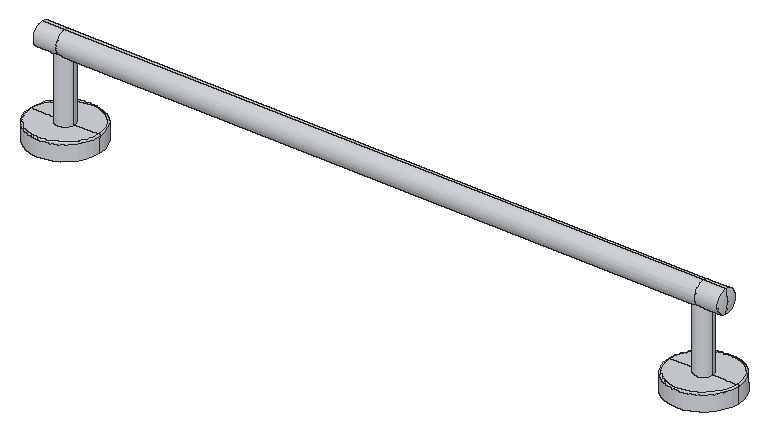
Revit family "Accessory-Towel_Bar-KOHLER-ELATE-K-27286BR_1", category Specialty Equipment, host Face, Revit 2017
Family settings
  Host = Face
  Round Connector Dimension = Use Diameter
  Part Type = Normal
  OmniClass Number = 23.31.25.25
  OmniClass Title = Towel Bars
  Cut with Voids When Loaded = No
  Shared = No
  Room Calculation Point = No
Parameters (values of type "CP-Polished Chrome")
  Width = 18"  # constant formula
  WaterSense Certified = 1 = 0  # no
  URL = "https://br.kohler.com/"
  Type = 1
  Product Page URL = "https://br.kohler.com/product-detail/27286br?skuid=K-27286BR-CP"
  Product Name = "ELATE"  # constant formula
  Product Documentation Link = ""
  Model = if(Type = 1, "K-27286BR-CP", if(Type = 2, "K-27286BR-BN", if(Type = 3, "K-27286BR-BL", "NA")))  # "K-27286BR-CP"
  Material = "Premium Metal Consruction"  # constant formula
  Master Format 2014 Name = "Toilet, Bath, and Laundry Accessories"  # constant formula
  Master Format 2014 = "10 28 00"  # constant formula
  Manufacturer Address = "Rio de Janeiro MULTIREPAROS RUA BATISTA DA COSTA, Nº 352 | STORE B Rio de Janeiro SÃO GONÇALO 24450-470"  # constant formula
  Manufacturer = "KOHLER Co."  # constant formula
  Length = 2 197/256"  # constant formula
  Height = 1 31/32"  # constant formula
  Finish = Kohler-Metal-CP-Polished_Chrome
  Environmental Product Declaration = ""
  Description = "Towel rack 457mm"  # constant formula
  Default Elevation = 42"
  Declare Label = ""
  Date Modified = "09/03/2021"  # constant formula
  Date Created = "09/03/2021"  # constant formula
  Copyright = "Copyright KOHLER Co."  # constant formula
  Contact Us = "https://br.kohler.com/asr-listing"
  Assembly Code = "C1030200"
  ADA Compliant = 1 = 0  # no
Types (4): name | Type | Product Page URL | Model | Finish
  (no name) | 1 | "https://br.kohler.com/product-detail/27286br?skuid=K-27286BR-CP" | "K-27286BR-CP" | Kohler-Metal-CP-Polished_Chrome
  CP-Polished Chrome | 1 | "https://br.kohler.com/product-detail/27286br?skuid=K-27286BR-CP" | "K-27286BR-CP" | Kohler-Metal-CP-Polished_Chrome
  BN-Vibrant Brushed Nickel | 2 | "https://br.kohler.com/product-detail/27286br?skuid=K-27286BR-BN" | "K-27286BR-BN" | Kohler-Metal-BN-Vibrant_Brushed_Nickel
  BL-Matte Black | 3 | "https://br.kohler.com/product-detail/27286br?skuid=K-27286BR-BL" | "K-27286BR-BL" | Kohler-Metal-BL-Matte_Black
Reference planes (in)
  plane 1 "Center (Front/Back)": y = 0
  plane 2: z = 0
  plane 3 "Center (Left/Right)": x = 0
  plane 4: y = 0.98425
  plane 5: y = -0.9845
  plane 6: x = -9
  plane 7: x = -9.98425
  plane 8: x = -8.01575
  plane 9: x = 9
  plane 10: x = 9.98425
  plane 11: x = 8.01575
  plane 12: x = -9.67009
  plane 13: x = 9.67009
  plane 14: z = 0.46457
  plane 15: z = 2.76953
  plane 16: z = 2.45276
  plane 17: z = 2.1378
Dimensions and locks (in)
  "Width": plane 6 to plane 9
  "Height": plane 4 to plane 5
  locked: plane 7 to plane 10 at 19.9685
  "Length": plane 15 to plane 2
  plane 14 to plane 2 = 0.46457"
  aligned and locked: plane 2 to host face
  aligned and locked: level to host face
  aligned and locked: plane 3 "Center (Left/Right)" to nested 1
  aligned and locked: plane 1 "Center (Front/Back)" to nested 1
Automatic sketch dimensions
  host sketch curve to host sketch curve = 96"  (x2)
Nested families (in)
  nested 1: "K-27286BR" at (0, 0, 0), type "K-27286BR"
Definition of nested family "K-27286BR"
  Parameters (values of type "K-27286BR")
    W = 18"
    Material = none
  Reference planes (in)
    plane 1 "Center (Front/Back)": y = 0
    plane 2: z = 0
    plane 3 "Center (Left/Right)": x = 0
    plane 4: x = -9
    plane 5: x = 9
    plane 6: x = -9.98425
    plane 7: x = -8.01575
    plane 8: x = 9.98425
    plane 9: x = 8.01575
    plane 10: y = 0.98425
    plane 11: y = -0.98425
    plane 12: z = 0.46457
    plane 13: z = 2.45276
    plane 14: z = 2.76772
  Forms (in)
    Revolve 1, solid, material <- "Material", detail levels medium+fine
      sketch origin (0, 0, 0) x (1, 0, 0) y (0, 0, 1)
        loop
          line (-8.74409, 0.46457) -> (-8.74409, 2.45276) -> (-9, 2.45276) -> (-9, 0) -> (-8.01575, 0) -> (-8.01575, 0.42409)
          arc (-8.01575, 0.42409) -> (-8.0276, 0.45271) -> (-8.05623, 0.46457) r 0.04048
          line (-8.05623, 0.46457) -> (-8.74409, 0.46457)
        axis (-9, 2.45276) -> (-9, 0)
      angle from 0 to 360
    Revolve 2, solid, material <- "Material", detail levels medium+fine
      sketch origin (0, 0, 0) x (-1, 0, 0) y (0, 0, 1)
        loop
          line (-8.74409, 0.46457) -> (-8.74409, 2.45276) -> (-9, 2.45276) -> (-9, 0) -> (-8.01575, 0) -> (-8.01575, 0.42409)
          arc (-8.01575, 0.42409) -> (-8.0276, 0.45271) -> (-8.05623, 0.46457) r 0.04048
          line (-8.05623, 0.46457) -> (-8.74409, 0.46457)
        axis (-9, 2.45276) -> (-9, 0)
      angle from 0 to 360
    Revolve 3, solid, material <- "Material", detail levels medium+fine
      sketch origin (0, 0, 0) x (1, 0, 0) y (0, 0, 1)
        loop
          line (-9, 2.76772) -> (-9.63345, 2.76772)
          arc (-9.63345, 2.76772) -> (-9.66027, 2.61125) -> (-9.66926, 2.45276) r 1.40307
          line (-9.66926, 2.45276) -> (-9, 2.45276) -> (-9, 2.76772)
        axis (-9.66926, 2.45276) -> (-9, 2.45276)
      angle from 0 to 360
    Revolve 4, solid, material <- "Material", detail levels medium+fine
      sketch origin (0, 0, 0) x (-1, 0, 0) y (0, 0, 1)
        loop
          line (-9, 2.76772) -> (-9.63345, 2.76772)
          arc (-9.63345, 2.76772) -> (-9.66027, 2.61125) -> (-9.66926, 2.45276) r 1.40307
          line (-9.66926, 2.45276) -> (-9, 2.45276) -> (-9, 2.76772)
        axis (-9.66926, 2.45276) -> (-9, 2.45276)
      angle from 0 to 360
    Revolve 5, solid, material <- "Material", detail levels medium+fine
      sketch origin (0, 0, 0) x (1, 0, 0) y (0, 0, 1)
        loop
          line (-9, 2.45276) -> (9, 2.45276) -> (9, 2.76772) -> (-9, 2.76772) -> (-9, 2.45276)
        axis (-9, 2.45276) -> (9, 2.45276)
      angle from 0 to 360
    Revolve 6, solid, material <- "Material", detail levels coarse
      sketch origin (0, 0, 0) x (1, 0, 0) y (0, 0, 1)
        loop
          line (-9, 2.45276) -> (-9, 0) -> (-8.01575, 0) -> (-8.01575, 0.46457) -> (-8.74409, 0.46457) -> (-8.74409, 2.45276) -> (-9, 2.45276)
        axis (-9, 2.45276) -> (-9, 0)
      angle from 0 to 360
    Revolve 7, solid, material <- "Material", detail levels coarse
      sketch origin (0, 0, 0) x (-1, 0, 0) y (0, 0, 1)
        loop
          line (-9, 2.45276) -> (-9, 0) -> (-8.01575, 0) -> (-8.01575, 0.46457) -> (-8.74409, 0.46457) -> (-8.74409, 2.45276) -> (-9, 2.45276)
        axis (-9, 2.45276) -> (-9, 0)
      angle from 0 to 360
    Revolve 8, solid, material <- "Material", detail levels coarse
      sketch origin (0, 0, 0) x (1, 0, 0) y (0, 0, 1)
        loop
          line (-9, 2.45276) -> (9, 2.45276) -> (9, 2.76772) -> (-9, 2.76772) -> (-9, 2.45276)
        axis (-9, 2.45276) -> (9, 2.45276)
      angle from 0 to 360
    Revolve 9, solid, material <- "Material", detail levels coarse
      sketch origin (0, 0, 0) x (1, 0, 0) y (0, 0, 1)
        loop
          line (-9, 2.76772) -> (-9.67025, 2.76772) -> (-9.67025, 2.45276) -> (-9, 2.45276) -> (-9, 2.76772)
        axis (-9, 2.45276) -> (-9.67025, 2.45276)
      angle from 0 to 360
    Revolve 10, solid, material <- "Material", detail levels coarse
      sketch origin (0, 0, 0) x (-1, 0, 0) y (0, 0, 1)
        loop
          line (-9, 2.76772) -> (-9.67025, 2.76772) -> (-9.67025, 2.45276) -> (-9, 2.45276) -> (-9, 2.76772)
        axis (-9, 2.45276) -> (-9.67025, 2.45276)
      angle from 0 to 360
  Cuts and joins
    joined: Revolve 1, Revolve 2, Revolve 3, Revolve 4, Revolve 5
    joined: Revolve 6, Revolve 7, Revolve 8, Revolve 9, Revolve 10
  Lines and regions (in)
    Masking region 1
      outline origin (0, 0, 0) x (1, 0, 0) y (0, 1, 0)
        loop
          arc (-8.0675, 0.31496) -> (-9.98425, 0) -> (-8.0675, -0.31496) r 0.98425
          line (-8.0675, -0.31496) -> (8.0675, -0.31496)
          arc (8.0675, -0.31496) -> (9.98425, 0) -> (8.0675, 0.31496) r 0.98425
          line (8.0675, 0.31496) -> (-8.0675, 0.31496)
    Masking region 2
      outline origin (0, 0, 0) x (1, 0, 0) y (0, 0, 1)
        loop
          line (9.98425, 0) -> (9.98425, 0.4252)
          arc (9.98425, 0.4252) -> (9.97272, 0.45304) -> (9.94488, 0.46457) r 0.03937
          line (9.94488, 0.46457) -> (9.25591, 0.46457) -> (9.25591, 2.1378) -> (9.63345, 2.1378)
          arc (9.63345, 2.1378) -> (9.66102, 2.2942) -> (9.67025, 2.45276) r 1.36619
          arc (9.67025, 2.45276) -> (9.66102, 2.61131) -> (9.63345, 2.76772) r 1.36619
          line (9.63345, 2.76772) -> (-9.63345, 2.76772)
          arc (-9.63345, 2.76772) -> (-9.66102, 2.61131) -> (-9.67025, 2.45276) r 1.36619
          arc (-9.67025, 2.45276) -> (-9.66102, 2.2942) -> (-9.63345, 2.1378) r 1.36619
          line (-9.63345, 2.1378) -> (-9.25591, 2.1378) -> (-9.25591, 0.46457) -> (-9.94488, 0.46457)
          arc (-9.94488, 0.46457) -> (-9.97272, 0.45304) -> (-9.98425, 0.4252) r 0.03937
          line (-9.98425, 0.4252) -> (-9.98425, 0) -> (-8.01575, 0) -> (-8.01575, 0.42403)
          arc (-8.01575, 0.42403) -> (-8.02762, 0.45269) -> (-8.05629, 0.46457) r 0.04054
          line (-8.05629, 0.46457) -> (-8.74409, 0.46457) -> (-8.74409, 2.1378) -> (8.74409, 2.1378) -> (8.74409, 0.46457) -> (8.05629, 0.46457)
          arc (8.05629, 0.46457) -> (8.02762, 0.45269) -> (8.01575, 0.42403) r 0.04054
          line (8.01575, 0.42403) -> (8.01575, 0) -> (9.98425, 0)
    Masking region 3
      outline origin (0, 0, 0) x (0, 1, 0) y (0, 0, 1)
        loop
          arc (-0.94488, 0.46457) -> (-0.97272, 0.45304) -> (-0.98425, 0.4252) r 0.03937
          line (-0.98425, 0.4252) -> (-0.98425, 0) -> (0.98425, 0) -> (0.98425, 0.42639)
          arc (0.98425, 0.42639) -> (0.97307, 0.45338) -> (0.94607, 0.46457) r 0.03818
          line (0.94607, 0.46457) -> (0.25591, 0.46457) -> (0.25591, 2.26915)
          arc (0.25591, 2.26915) -> (0.28021, 2.59658) -> (0, 2.76772) r 0.31496
          arc (0, 2.76772) -> (-0.28021, 2.59658) -> (-0.25591, 2.26915) r 0.31496
          line (-0.25591, 2.26915) -> (-0.25591, 0.46457) -> (-0.94488, 0.46457)
    symbolic lines, detail levels medium+fine
      curve 1: line (-8.0675, 0.31496, 0) -> (-9.63345, 0.31496, 0)
      curve 2: line (-8.0675, -0.31496, 0) -> (-9.63345, -0.31496, 0)
      curve 3: arc (-9.63345, 0.31496, 0) -> (-9.6609, 0.15854, 0) -> (-9.67009, 0, 0) r 1.3718
      curve 4: arc (-9.63345, -0.31496, 0) -> (-9.6609, -0.15854, 0) -> (-9.67009, 0, 0) r 1.3718
      curve 5: line (-9.63345, 0.31496, 0) -> (-9.63345, -0.31496, 0)
      curve 6: line (-9.40305, 0.31496, 0) -> (-9.40305, -0.31496, 0)
      curve 7: line (8.0675, 0.31496, 0) -> (9.63345, 0.31496, 0)
      curve 8: line (8.0675, -0.31496, 0) -> (9.63345, -0.31496, 0)
      curve 9: arc (9.63345, 0.31496, 0) -> (9.6609, 0.15854, 0) -> (9.67009, 0, 0) r 1.3718
      curve 10: arc (9.63345, -0.31496, 0) -> (9.6609, -0.15854, 0) -> (9.67009, 0, 0) r 1.3718
      curve 11: line (9.63345, 0.31496, 0) -> (9.63345, -0.31496, 0)
      curve 12: line (9.40305, 0.31496, 0) -> (9.40305, -0.31496, 0)
      curve 13: line (9.25591, 0, 0.46457) -> (8.74409, 0, 0.46457)
      curve 14: line (9.63345, 0, 2.76772) -> (9.63345, 0, 2.1378)
      curve 15: line (9.4366, 0, 2.76772) -> (9.4366, 0, 2.1378)
      curve 16: arc (9.25591, 0, 2.1378) -> (9, 0, 2.26915) -> (8.74409, 0, 2.1378) r 0.31496
      curve 17: line (-9.25591, 0, 0.46457) -> (-8.74409, 0, 0.46457)
      curve 18: line (-9.63345, 0, 2.76772) -> (-9.63345, 0, 2.1378)
      curve 19: line (-9.4366, 0, 2.76772) -> (-9.4366, 0, 2.1378)
      curve 20: arc (-9.25591, 0, 2.1378) -> (-9, 0, 2.26915) -> (-8.74409, 0, 2.1378) r 0.31496
      curve 21: line (0, 0.25591, 0.46457) -> (0, -0.25591, 0.46457)
      curve 22: arc (0, 0.25591, 2.26915) -> (0, 0, 2.1378) -> (0, -0.25591, 2.26915) r 0.31496
  Dimensions and locks (in)
    equal spacing: plane 4, plane 3 "Center (Left/Right)", plane 5
    "W": plane 4 to plane 5
    equal spacing: plane 6, plane 4, plane 7
    locked: plane 6 to plane 7 at 1.9685
    equal spacing: plane 9, plane 5, plane 8
    locked: plane 9 to plane 8 at 1.9685
    locked: plane 10 to plane 11 at 1.9685
    aligned and locked: plane 2 to level
    aligned and locked: plane 4 to Revolve 1 sketch curve
    aligned and locked: Revolve 1 sketch curve to plane 4
    aligned and locked: plane 4 to Revolve 3 sketch curve
    aligned and locked: Revolve 5 sketch curve to plane 4
    aligned and locked: Revolve 5 sketch curve to plane 5
    aligned and locked: Revolve 6 sketch curve to plane 4  (x2)
    aligned and locked: Revolve 8 sketch curve to plane 13  (x2)
    aligned and locked: Revolve 8 sketch curve to plane 5
    aligned and locked: plane 4 to Revolve 8 sketch curve
    aligned and locked: Revolve 9 sketch curve to plane 4
  Automatic sketch dimensions
    curve 3 to curve 4 = 0"  (x2)
    curve 9 to curve 10 = 0"  (x2)
    plane 1 "Center (Front/Back)" to curve 4 = 0"
    plane 1 "Center (Front/Back)" to curve 10 = 0"
    plane 6 to curve 2 = 0.35081"
    plane 7 to curve 3 = 0.28255"
    plane 9 to curve 10 = 0.28255"
    plane 8 to curve 8 = 0.35081"
    plane 1 "Center (Front/Back)" to curve 11 = 0.31496"
    plane 1 "Center (Front/Back)" to curve 5 = 0.31496"
    curve 1 to curve 6 = 0.2304"
    plane 7 to curve 1 = 0.05175"
    plane 7 to curve 2 = 0.05175"
    plane 9 to curve 7 = 0.05175"
    plane 9 to curve 8 = 0.05175"
    curve 12 to curve 7 = 0.2304"
    plane 12 to curve 21 = 0"
    curve 22 to plane 1 "Center (Front/Back)" = 0"
    curve 22 to plane 13 = 0"
    plane 1 "Center (Front/Back)" to curve 22 = 0.25591"
    plane 1 "Center (Front/Back)" to curve 21 = 0.25591"
    curve 22 to plane 1 "Center (Front/Back)" = 0.25591"
    curve 21 to plane 1 "Center (Front/Back)" = 0.25591"
    curve 22 to plane 13 = 47/256"
    curve 18 to plane 14 = 0"
    curve 19 to plane 14 = 0"
    curve 17 to plane 12 = 0"
    curve 20 to plane 4 = 0"
    curve 13 to plane 12 = 0"
    plane 5 to curve 16 = 0"
    curve 15 to plane 14 = 0"
    curve 14 to plane 14 = 0"
    curve 16 to plane 13 = 0.49857"
    curve 20 to plane 13 = 0.49857"
    curve 17 to plane 4 = 0.25591"
    curve 20 to plane 4 = 0.25591"
    curve 19 to plane 4 = 0.4366"
    curve 18 to curve 19 = 0.19685"
    plane 4 to curve 17 = 0.25591"
    plane 4 to curve 20 = 0.25591"
    plane 5 to curve 13 = 0.25591"
    plane 5 to curve 16 = 0.25591"
    curve 16 to plane 5 = 0.25591"
    curve 13 to plane 5 = 0.25591"
    curve 16 to curve 15 = 0.18069"
    curve 15 to curve 14 = 0.19685"
    curve 16 to plane 13 = 0.31496"
    curve 14 to plane 13 = 0.31496"
    curve 20 to plane 13 = 0.31496"
    curve 15 to curve 16 = 0"
    curve 18 to plane 13 = 0.31496"
    curve 19 to curve 20 = 0"
    Revolve 1 sketch curve to plane 13 = 0"
    Revolve 1 sketch curve to plane 12 = 0"
    Revolve 1 sketch curve to level = 0"  (x2)
    plane 7 to Revolve 1 sketch curve = 0"
    plane 4 to Revolve 1 sketch curve = 0.25591"
    plane 7 to Revolve 1 sketch curve = 0.04048"
    Revolve 1 sketch curve to level = 0.3937"
    Revolve 2 sketch curve to level = 0"  (x2)
    plane 5 to Revolve 2 sketch curve = 0"  (x2)
    Revolve 2 sketch curve to plane 13 = 0"
    Revolve 2 sketch curve to plane 12 = 0"
    Revolve 2 sketch curve to plane 9 = 0"
    Revolve 2 sketch curve to plane 5 = 0.25591"
    Revolve 2 sketch curve to plane 9 = 0.04048"
    level to Revolve 2 sketch curve = 0.3937"
    Revolve 3 sketch curve to plane 13 = 0"  (x2)
    Revolve 3 sketch curve to plane 14 = 0"
    plane 6 to Revolve 3 sketch curve = 0.35081"
    Revolve 3 sketch curve to Revolve 3 sketch curve = 0.03581"
    plane 4 to Revolve 3 sketch curve = 0.04358"
    Revolve 3 sketch curve to Revolve 3 sketch curve = 0.30686"
    Revolve 4 sketch curve to plane 13 = 0"  (x2)
    Revolve 4 sketch curve to plane 14 = 0"
    plane 5 to Revolve 4 sketch curve = 0"
    Revolve 4 sketch curve to plane 8 = 0.35081"
    Revolve 4 sketch curve to Revolve 4 sketch curve = 0.03581"
    Revolve 4 sketch curve to plane 5 = 0.04358"
    Revolve 4 sketch curve to Revolve 4 sketch curve = 0.30686"
    plane 8 to Revolve 5 sketch curve = 0"
    Revolve 5 sketch curve to plane 13 = 0"  (x2)
    Revolve 5 sketch curve to plane 14 = 0"
    Revolve 5 sketch curve to Revolve 5 sketch curve = 1.5748"
    plane 1 "Center (Front/Back)" to Masking region 1 sketch curve = 0"  (x2)
    Masking region 1 sketch curve to plane 4 = 0"
    Masking region 1 sketch curve to plane 5 = 0"
    plane 7 to Masking region 1 sketch curve = 0.05175"  (x2)
    plane 9 to Masking region 1 sketch curve = 0.05175"
    plane 1 "Center (Front/Back)" to Masking region 1 sketch curve = 0.31496"
    Masking region 2 sketch curve to Masking region 2 sketch curve = 0"  (x4)
    Masking region 2 sketch curve to plane 6 = 0"
    Masking region 2 sketch curve to plane 12 = 0"  (x4)
    Masking region 2 sketch curve to plane 13 = 0"  (x2)
    Masking region 2 sketch curve to plane 14 = 0"
    Masking region 2 sketch curve to level = 0"  (x2)
    plane 7 to Masking region 2 sketch curve = 0"
    Masking region 2 sketch curve to plane 9 = 0"
    plane 8 to Masking region 2 sketch curve = 0"
    plane 6 to Masking region 2 sketch curve = 0.03937"
    plane 6 to Masking region 2 sketch curve = 0.35081"  (x2)
    Masking region 2 sketch curve to plane 4 = 0.25591"
    plane 4 to Masking region 2 sketch curve = 0.25591"
    plane 7 to Masking region 2 sketch curve = 0.28831"
    Masking region 2 sketch curve to Masking region 2 sketch curve = 0.04054"  (x2)
    plane 9 to Masking region 2 sketch curve = 0.28831"
    plane 5 to Masking region 2 sketch curve = 0.25591"
    Masking region 2 sketch curve to plane 5 = 0.25591"
    plane 8 to Masking region 2 sketch curve = 0.35081"
    Masking region 2 sketch curve to plane 13 = 0.31496"  (x2)
    plane 8 to Masking region 2 sketch curve = 0.03937"
    Masking region 3 sketch curve to Masking region 3 sketch curve = 0"  (x2)
    Masking region 3 sketch curve to plane 11 = 0"
    plane 12 to Masking region 3 sketch curve = 0"  (x2)
    Masking region 3 sketch curve to plane 1 "Center (Front/Back)" = 0"
    Masking region 3 sketch curve to plane 10 = 0"
    Masking region 3 sketch curve to level = 0"
    Masking region 3 sketch curve to plane 13 = 0"
    Masking region 3 sketch curve to plane 14 = 0"
    Masking region 3 sketch curve to plane 11 = 0.03937"
    plane 1 "Center (Front/Back)" to Masking region 3 sketch curve = 0.25591"
    Masking region 3 sketch curve to plane 13 = 47/256"
    Masking region 3 sketch curve to plane 10 = 0.03818"
    Revolve 6 sketch curve to plane 12 = 0"
    Revolve 6 sketch curve to plane 13 = 0"
    Revolve 6 sketch curve to level = 0"  (x2)
    plane 7 to Revolve 6 sketch curve = 0"
    plane 4 to Revolve 6 sketch curve = 0.25591"
    Revolve 6 sketch curve to level = 0.7874"
    plane 5 to Revolve 7 sketch curve = 0"  (x2)
    Revolve 7 sketch curve to plane 12 = 0"
    Revolve 7 sketch curve to plane 13 = 0"
    Revolve 7 sketch curve to level = 0"  (x2)
    Revolve 7 sketch curve to plane 9 = 0"
    Revolve 7 sketch curve to plane 5 = 0.25591"
    Revolve 7 sketch curve to Revolve 7 sketch curve = 0.7874"
    Revolve 8 sketch curve to plane 14 = 0"
    plane 8 to Revolve 8 sketch curve = 0.16623"
    Revolve 8 sketch curve to plane 8 = 0.33876"
    Revolve 9 sketch curve to plane 13 = 0"  (x2)
    Revolve 9 sketch curve to plane 14 = 0"
    plane 6 to Revolve 9 sketch curve = 0.314"
    Revolve 9 sketch curve to Revolve 9 sketch curve = 0.12081"
    Revolve 9 sketch curve to plane 6 = 0.06244"
    Revolve 10 sketch curve to plane 13 = 0"  (x2)
    Revolve 10 sketch curve to plane 14 = 0"
    plane 5 to Revolve 10 sketch curve = 0"
    Revolve 10 sketch curve to plane 8 = 0.314"
    Revolve 10 sketch curve to Revolve 10 sketch curve = 0.12081"
    plane 8 to Revolve 10 sketch curve = 0.06244"
